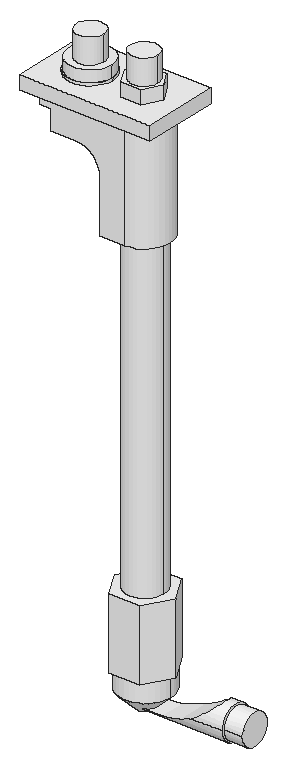
Revit family "Plumbing Fixture-Wall and Ground_Hydrant_Mifab_MHY-10", category Plumbing Fixtures, host Face, Revit 2013
Parameters (values of type "MHY-10-14")
  Wall Thikness = 14.000"
  WFU = 0
  URL = "www.mifab.com"
  Model = "MHY-10"
  Manufacturer = "MIFAB"
  Hydrant Material = Chrome Plated
  Description = "Non-Freeze Wall Hydrant"
  Default Elevation = 0.000"
Types (12): name | Wall Thikness
  (no name) | 14.000"
  MHY-10-4 | 4.000"
  MHY-10-6 | 6.000"
  MHY-10-8 | 8.000"
  MHY-10-10 | 10.000"
  MHY-10-12 | 12.000"
  MHY-10-14 | 14.000"
  MHY-10-16 | 16.000"
  MHY-10-18 | 18.000"
  MHY-10-20 | 20.000"
  MHY-10-22 | 22.000"
  MHY-10-24 | 24.000"
Reference planes (in)
  plane 1 "Center (Front/Back)": y = 0
  plane 2: z = 0
  plane 3 "Center (Left/Right)": x = 0
  plane 4: z = -15.7
  plane 5: z = -19.2
  plane 6: z = -1.7
  plane 7: z = -5.364
  plane 8: x = 0.966
Forms (in)
  Extrusion 1, solid, material "Chrome Plated" <- "Hydrant Material"
    sketch origin (-0.41379, 0, -10.36788) x (1, 0, 0) y (0, 1, 0)
      loop
        circle (1.38, 0) r 0.625
    from -5.33212 to 5.00388
  Extrusion 2, solid, material "Chrome Plated" <- "Hydrant Material"
    sketch origin (-0.41379, 0, -18.00514) x (1, 0, 0) y (0, 1, 0)
      loop
        arc (1.38, -0.8125) -> (2.1925, 0) -> (1.38, 0.8125) r 0.8125
        line (1.38, 0.8125) -> (1.38, -0.8125)
    from 12.64114 to 16.30514
  Extrusion 3, solid, material "Chrome Plated" <- "Hydrant Material"
    sketch origin (-0.41379, 0, -18.00514) x (1, 0, 0) y (0, 0, 1)
      loop
        line (-1.398, 16.30514) -> (-1.398, 15.83003) -> (-1.055, 15.78703) -> (-1.055, 15.1529) -> (-0.24047, 15.1529)
        arc (-0.24047, 15.1529) -> (0.31997, 14.92075) -> (0.55211, 14.36031) r 0.79258
        line (0.55211, 14.36031) -> (0.55211, 12.64114) -> (1.38, 12.64114) -> (1.38, 16.30514) -> (-1.398, 16.30514)
    from -0.8125 to 0.8125
  Extrusion 4, solid, material "Chrome Plated" <- "Hydrant Material"
    sketch origin (-0.41379, 0, -10.36788) x (1, 0, 0) y (0, 1, 0)
      loop
        line (-1.71121, -1.25) -> (2.53879, -1.25) -> (2.53879, 1.25) -> (-1.71121, 1.25) -> (-1.71121, -1.25)
    from 8.66788 to 9.11788
  Extrusion 5, solid, material "Chrome Plated" <- "Hydrant Material"
    sketch origin (-10.41379, 0, -10.36788) x (0, 1, 0) y (0, 0, 1)
      loop
        circle (0, -8.28002) r 0.55209
    from 14.36303 to 11.5
  Extrusion 6, void
    sketch origin (-0.94551, 0, -10.42881) x (1, 0, 0) y (0, 0, 1)
      loop
        arc (2.03172, -8.6019) -> (3.49163, -8.39304) -> (4.7131, -7.56661) r 3.28541
        line (4.7131, -7.56661) -> (2.03172, -7.56661) -> (2.03172, -8.6019)
    from -0.8125 to 0.95974
  Extrusion 7, solid, material "Chrome Plated" <- "Hydrant Material"
    sketch origin (-0.95076, 0, -10.36788) x (0, 1, 0) y (0, 0, 1)
      loop
        circle (0, -8.28002) r 0.5
    from 4.9 to 5.5
  Revolve 8, solid, material "Chrome Plated" <- "Hydrant Material"
    sketch origin (0, 0, 0) x (1, 0, 0) y (0, 0, 1)
      loop
        line (0.98038, -15.7) -> (0.13816, -15.7) -> (0.13816, -18.65891) -> (0.69025, -19.2) -> (0.98038, -19.2) -> (0.98038, -15.7)
      axis (0.98038, -15.7) -> (0.98038, -19.2)
    angle from 0 to 360
  Extrusion 9, solid, material "Chrome Plated" <- "Hydrant Material"
    sketch origin (-8.22916, -180, -15.7) x (0, -1, 0) y (-1, 0, 0)
      loop
        line (-180.88671, -9.69718) -> (-179.96366, -10.2301) -> (-179.10612, -9.735) -> (-179.10612, -8.73898) -> (-180, -8.2229) -> (-180.88671, -8.73484) -> (-180.88671, -9.69718)
    from 0 to 2.29542
  Extrusion 10, solid, material "Chrome Plated" <- "Hydrant Material"
    sketch origin (-0.44319, 0, -17.55514) x (1, 0, 0) y (0, 1, 0)
      loop
        circle (-0.38412, 0) r 0.739
    from 16.30514 to 16.37894
  Extrusion 11, solid, material "Chrome Plated" <- "Hydrant Material"
    sketch origin (-0.44319, 0, -17.55514) x (1, 0, 0) y (0, 1, 0)
      loop
        circle (-0.38412, 0) r 0.70723
    from 16.37894 to 16.74065
  Extrusion 12, solid, material "Chrome Plated" <- "Hydrant Material"
    sketch origin (-0.44319, 0, -17.55514) x (1, 0, 0) y (0, 1, 0)
      loop
        circle (-0.38412, 0) r 0.444
    from 16.74065 to 17.55514
  Extrusion 13, solid, material "Chrome Plated" <- "Hydrant Material"
    sketch origin (-0.44319, 0, -17.55514) x (1, 0, 0) y (0, 1, 0)
      loop
        line (0.7505, 0) -> (1.06525, -0.54516) -> (1.69475, -0.54516) -> (2.0095, 0) -> (1.69475, 0.54516) -> (1.06525, 0.54516) -> (0.7505, 0)
    from 16.30514 to 16.74065
  Extrusion 14, solid, material "Chrome Plated" <- "Hydrant Material"
    sketch origin (1.32093, 0, -17.55514) x (1, 0, 0) y (0, 1, 0)
      loop
        circle (-0.38412, 0) r 0.444
    from 16.74065 to 17.55514
Cuts and joins
  Extrusion 6 cuts Extrusion 5
  joined: Extrusion 1, Extrusion 2, Extrusion 3, Extrusion 4, Extrusion 5, Extrusion 7, Revolve 8, Extrusion 9, Extrusion 10, Extrusion 11, Extrusion 12, Extrusion 13, Extrusion 14
Lines and regions (in)
  symbolic lines
    curve 1: line (-2.125, 1.25, -15.7) -> (2.125, 1.25, -15.7)
    curve 2: line (-2.125, -1.25, -15.7) -> (-2.125, 1.25, -15.7)
    curve 3: line (2.125, -1.25, -15.7) -> (-2.125, -1.25, -15.7)
    curve 4: line (2.125, 1.25, -15.7) -> (2.125, -1.25, -15.7)
Dimensions and locks (in)
  Extrusion 6 sketch curve to Extrusion 6 sketch curve = 1.03528"
  locked: plane 4 to plane 5 at 3.5
  locked: Revolve 8 sketch curve to Revolve 8 sketch curve at 2.95891
  locked: Revolve 8 sketch curve to Revolve 8 sketch curve at 0.29013
  locked: plane 6 to plane 7 at 3.664
  plane 3 "Center (Left/Right)" to plane 8 = 0.966"
  locked: cut or joined group 1 (Extrusion 1, Extrusion 2, Extrusion 3, Extrusion 4, Extrusion 5, Extrusion 6, Extrusion 7, Revolve 8, Extrusion 9, Extrusion 10, Extrusion 11, Extrusion 12, Extrusion 13, Extrusion 14) to cut or joined group 1 at 0.45
  "Wall Thikness": plane 6 to plane 4
  Extrusion 4 sketch curve to Extrusion 4 sketch curve = 4.250"
  Extrusion 4 sketch curve to plane 1 "Center (Front/Back)" to Extrusion 4 sketch curve = 1.250", 1.250"
  aligned and locked: plane 2 to host face
  aligned and locked: level to host face
  aligned and locked: Extrusion 3 to Extrusion 1
  aligned and locked: Extrusion 2 to Extrusion 1
  aligned and locked: Extrusion 3 to Extrusion 2
  aligned and locked: Extrusion 6 to Extrusion 2
  aligned and locked: Extrusion 1 to plane 4
  aligned and locked: Extrusion 2 to plane 7
  aligned and locked: Extrusion 9 to Extrusion 6
  aligned and locked: Extrusion 10 to Extrusion 13
  aligned and locked: Extrusion 11 to Extrusion 10
  aligned and locked: Extrusion 11 to Extrusion 12
  aligned and locked: Extrusion 12 to Extrusion 13
  aligned and locked: Extrusion 11 to Extrusion 14
  aligned and locked: Extrusion 13 to Extrusion 11
  aligned and locked: Extrusion 2 to Extrusion 3
  aligned and locked: Extrusion 4 to Extrusion 2
  aligned and locked: Extrusion 4 to Extrusion 10
  aligned and locked: Extrusion 13 to cut or joined group 1
  aligned and locked: Extrusion 10 to cut or joined group 1
  aligned and locked: level to Extrusion 12
  aligned and locked: level to Extrusion 14
  aligned and locked: curve 1 to cut or joined group 1
  aligned and locked: curve 2 to cut or joined group 1
  aligned and locked: curve 3 to cut or joined group 1
  aligned and locked: curve 4 to cut or joined group 1
Automatic sketch dimensions
  host sketch curve to host sketch curve = 20.58785"
  host sketch curve to host sketch curve = 16.42037"
  plane 1 "Center (Front/Back)" to Extrusion 1 sketch curve = 0.000"
  plane 3 "Center (Left/Right)" to Extrusion 1 sketch curve = 0.96621"
  plane 3 "Center (Left/Right)" to Extrusion 2 sketch curve = 0.96621"
  plane 1 "Center (Front/Back)" to Extrusion 2 sketch curve = 0.8125"
  plane 1 "Center (Front/Back)" to Extrusion 2 sketch curve = 0.000"
  Extrusion 3 sketch curve to plane 6 = 0.000"
  Extrusion 3 sketch curve to plane 7 = 0.000"
  Extrusion 3 sketch curve to plane 3 "Center (Left/Right)" = 1.81179"
  plane 3 "Center (Left/Right)" to Extrusion 3 sketch curve = 0.13832"
  plane 7 to Extrusion 3 sketch curve = 1.71917"
  Extrusion 3 sketch curve to Extrusion 3 sketch curve = 0.343"
  Extrusion 3 sketch curve to plane 3 "Center (Left/Right)" = 0.65426"
  plane 3 "Center (Left/Right)" to Extrusion 3 sketch curve = 0.96621"
  Extrusion 3 sketch curve to plane 6 = 0.51811"
  Extrusion 3 sketch curve to Extrusion 3 sketch curve = 0.043"
  Extrusion 5 sketch curve to plane 1 "Center (Front/Back)" = 0.000"
  plane 5 to Extrusion 5 sketch curve = 0.55209"
  plane 3 "Center (Left/Right)" to Extrusion 6 sketch curve = 1.08621"
  plane 5 to Extrusion 6 sketch curve = 0.16929"
  Extrusion 6 sketch curve to Extrusion 6 sketch curve = 2.68138"
  Extrusion 6 sketch curve to plane 4 = 0.05696"
  Extrusion 7 sketch curve to plane 1 "Center (Front/Back)" = 0.000"
  plane 5 to Extrusion 7 sketch curve = 0.55209"
  Revolve 8 sketch curve to plane 4 = 0.000"  (x2)
  Revolve 8 sketch curve to plane 5 = 0.000"
  plane 3 "Center (Left/Right)" to Revolve 8 sketch curve = 0.13816"
  plane 3 "Center (Left/Right)" to Revolve 8 sketch curve = 0.69025"
  plane 3 "Center (Left/Right)" to Revolve 8 sketch curve = 0.98038"
  Revolve 8 sketch curve to plane 5 = 1.739"
  plane 1 "Center (Front/Back)" to Extrusion 9 sketch curve = 0.000"
  Extrusion 9 sketch curve to plane 3 "Center (Left/Right)" = 0.00626"
  Extrusion 9 sketch curve to plane 1 "Center (Front/Back)" = 0.88671"
  plane 1 "Center (Front/Back)" to Extrusion 9 sketch curve = 0.03634"
  plane 1 "Center (Front/Back)" to Extrusion 9 sketch curve = 0.89388"
  Extrusion 9 sketch curve to plane 8 = 0.46032"
  Extrusion 9 sketch curve to plane 8 = 0.45618"
  plane 8 to Extrusion 9 sketch curve = 0.50202"
  plane 8 to Extrusion 9 sketch curve = 0.53985"
  Extrusion 9 sketch curve to Extrusion 9 sketch curve = 0.4951"
  plane 1 "Center (Front/Back)" to Extrusion 10 sketch curve = 0.000"
  Extrusion 10 sketch curve to plane 3 "Center (Left/Right)" = 0.82731"
  plane 1 "Center (Front/Back)" to Extrusion 11 sketch curve = 0.000"
  Extrusion 11 sketch curve to plane 3 "Center (Left/Right)" = 0.82731"
  plane 1 "Center (Front/Back)" to Extrusion 12 sketch curve = 0.000"
  Extrusion 12 sketch curve to plane 3 "Center (Left/Right)" = 0.82731"
  plane 1 "Center (Front/Back)" to Extrusion 13 sketch curve = 0.000"  (x2)
  plane 3 "Center (Left/Right)" to Extrusion 13 sketch curve = 0.30731"
  plane 1 "Center (Front/Back)" to Extrusion 13 sketch curve = 0.54516"
  plane 3 "Center (Left/Right)" to Extrusion 13 sketch curve = 0.62206"  (x2)
  Extrusion 13 sketch curve to plane 1 "Center (Front/Back)" = 0.54516"
  Extrusion 13 sketch curve to Extrusion 13 sketch curve = 0.6295"  (x2)
  Extrusion 13 sketch curve to Extrusion 13 sketch curve = 0.31475"
  plane 1 "Center (Front/Back)" to Extrusion 14 sketch curve = 0.000"
  plane 3 "Center (Left/Right)" to Extrusion 14 sketch curve = 0.93681"
  Extrusion 4 sketch curve to plane 3 "Center (Left/Right)" = 2.125"
  radius of Extrusion 1 sketch curve = 0.625"
  radius of Extrusion 5 sketch curve = 0.55209"
  radius of Extrusion 7 sketch curve = 0.500"
  radius of Extrusion 10 sketch curve = 0.739"
  radius of Extrusion 11 sketch curve = 0.70723"
  radius of Extrusion 12 sketch curve = 0.444"
  radius of Extrusion 14 sketch curve = 0.444"
Connectors (in)
  piping at (4.54924, 0, -18.64791)
    settings: on Extrusion 7, index 3, connector radius 1/2", flow factor 0, pipe flow 0 GPM, pressure drop 0.00 psi, fitting loss kfactor 0, connector angle 0.00°, fixture units 0, engagement length 0.000", flow configuration 0, flow direction 0, fitting loss method 0, system type 7, joint type 0, gender type 0, connector reference index -1, connector utility 0, adjustable connector no, is connector primary yes, fitting loss table "", connector description "INLET"
  piping at (-0.82731, 0, 0)
    settings: on cut or joined group 1, index 4, connector radius 3/4", flow factor 0, pipe flow 0 GPM, pressure drop 0.00 psi, fitting loss kfactor 0, connector angle 0.00°, fixture units 0, engagement length 0.000", flow configuration 0, flow direction 0, fitting loss method 0, system type 7, joint type 0, gender type 0, connector reference index -1, connector utility 0, adjustable connector no, is connector primary no, fitting loss table "", connector description "MALE HOSE"
